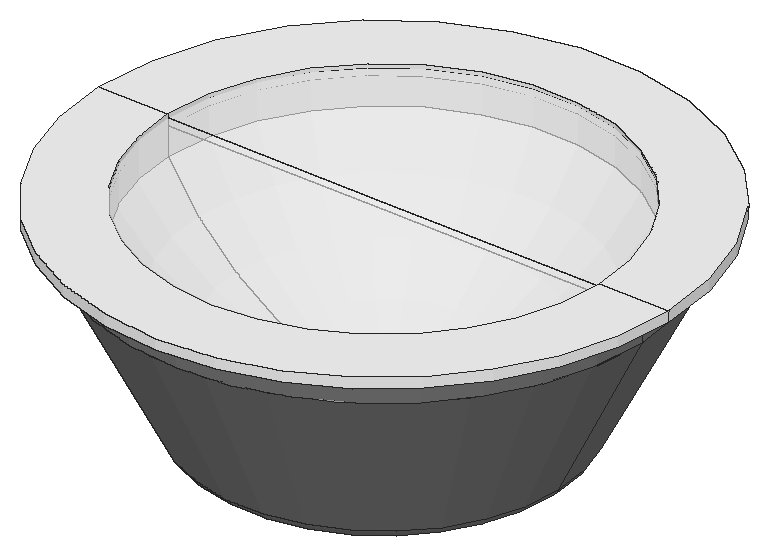
Revit family "30478", category Lighting Fixtures, host Face, Revit 2018
Family settings
  Host = Face
  Round Connector Dimension = Use Diameter
  Part Type = Normal
  OmniClass Number = 23.80.70.00
  OmniClass Title = Lighting
  Cut with Voids When Loaded = No
  Light Source = Yes
  Shared = No
  Room Calculation Point = No
Parameters (values of type "0030478 INSAVER SLIM UGR19 IP44 SSC 205 2350 830")
  WidthBezel_SYL = if(Size1_SYL, 20 mm, if(Size2_SYL, 20 mm, if(Size3PIR_SYL, 30 mm, if(Size4_SYL, 20 mm, 20 mm))))  # 20 mm
  Weight = "n/a"
  Wattage Comments = ""
  Wattage = 9 W
  WarrantyStartDate [instance] = "n/a"
  WarrantyGuarantorParts = "n/a"
  WarrantyDurationUnit = "n/a"
  WarrantyDurationParts = ""
  WarrantyDescription = "http://www.sylvania-lighting.com"
  built-in parameter 1150110 = 1 (stored number, unit not read)
  Voltage = 230 V
  VisibilityPIR_SYL = Size3PIR_SYL  # no
  URL = "0.9"
  TypeName = "Insaver Slim UGR19 IP44 SSC 205 2350lm 830"
  Type Image = <None>
  Type Comments = "n/a"
  built-in parameter 1114217 = 1 (stored number, unit not read)
  Tilt Angle = -90.00°
  built-in parameter 1150109 = 1 (stored number, unit not read)
  built-in parameter 1150134 = (empty or 0)
  built-in parameter 1150113 = 1 (stored number, unit not read)
  Size4_SYL = no
  Size3PIR_SYL = no
  Size2_SYL = no
  Size1_SYL = yes
  SerialNumber [instance] = "n/a"
  RadiusTop_SYL = 6 mm
  RadiusReflector_SYL = if(Size1_SYL, 85 mm, if(Size2_SYL, 85 mm, if(Size3PIR_SYL, 85 mm, if(Size4_SYL, 100 mm, 120 mm))))  # 85 mm
  Photometric Web File = "0030478.IES"
  Material_3_FEILO = Top-Sylvania-STARTDownlight
  PowerFactor = 0.9
  PowerConsumption = "Lighting"
  NominalLength = 165 mm
  NominalHeight = 50 mm
  NominalDepth = 165 mm
  Name = "Insaver Slim UGR19 IP44 SSC 205 2350lm 830"
  ModelReference = Name  # "Insaver Slim UGR19 IP44 SSC 205 2350lm 830"
  ModelNumber = "0030478"
  Model = Name  # "Insaver Slim UGR19 IP44 SSC 205 2350lm 830"
  Material = "Feilo Sylvania"
  ManufacturerName = "118 lm/W"
  Manufacturer = ""
  LuminousEfficacy = ""
  built-in parameter 1150105 = 83.795 (stored number, unit not read)
  Lumens = 1053 lm
  LuminaireType = "0"
  built-in parameter 1150115 = 1 (stored number, unit not read)
  LightOutputRatio = "LED"
  built-in parameter 1150137 = (empty or 0)
  built-in parameter 1150139 = (empty or 0)
  LampsType = Lamp  # "n/a"
  LampNominalLuminous = "3000 K"
  LampMacAdamStep = "80"
  LampColourTemperature = "LED"
  LampColourRenderingIndex = "16500"
  built-in parameter 1150112 = 1 (stored number, unit not read)
  built-in parameter 1150114 = 1 (stored number, unit not read)
  Lamp = "n/a"
  Keynote = "n/a"
  InstallationDate [instance] = "n/a"
  InputVoltage = "0"
  InputNominalFrequency = "3000"
  built-in parameter 1150132 = (empty or 0)
  built-in parameter 1150102 = (empty or 0)
  built-in parameter 1150107 = 3000 (stored number, unit not read)
  built-in parameter 1150138 = (empty or 0)
  IngressProtection = "IfcLightFixtureType"
  ImpactProtectionIndex = "IfcLightFixtureType"
  built-in parameter 1150106 = 0.83795 (stored number, unit not read)
  IfcExportType = "IfcLightFixtureType"
  IfcExportAs = "Class II"
  Height_SYL = if(Size1_SYL, 61 mm, if(Size2_SYL, 61 mm, if(Size3PIR_SYL, 61 mm, if(Size4_SYL, 61 mm, 60 mm))))  # 61 mm
  HeightBezel_SYL = if(Size1_SYL, 3 mm, if(Size2_SYL, 3 mm, if(Size3PIR_SYL, 3 mm, if(Size4_SYL, 3.2 mm, 3 mm))))  # 3 mm
  ExpectedLife = 50000
  Emit from Circle Diameter = Diameter_SYL - 40 mm  # 125 mm
  Emit Shape Visible in Rendering = no
  ElectricShockClassification = "118"
  built-in parameter 1150104 = 10.87 (stored number, unit not read)
  DurationUnit = "hours"
  DocumentationLiterature = "http://www.sylvania-lighting.com/product/en-int/products/0030478"
  DimmingControlOptions = "n/a"
  Material_2_FEILO = Diffuser-Sylvania-STARTDownlight
  Dimming Lamp Color Temperature Shift = <None>
  Diameter_SYL = if(Size1_SYL, 165 mm, if(Size2_SYL, 190 mm, if(Size3PIR_SYL, 211 mm, if(Size4_SYL, 220 mm, 240 mm))))  # 165 mm
  DiameterTop_SYL = if(Size1_SYL, 98 mm, if(Size2_SYL, 122 mm, if(Size3PIR_SYL, 120 mm, if(Size4_SYL, 135 mm, 158 mm))))  # 98 mm
  DiameterTopBase_SYL = DiameterRecess_SYL  # 150 mm
  DiameterRecess_SYL = if(Size1_SYL, 150 mm, if(Size2_SYL, 170 mm, if(Size3PIR_SYL, 186 mm, if(Size4_SYL, 200 mm, 225 mm))))  # 150 mm
  Description = "Insaver Slim is a ceiling recessed LED downlight (IP44 from the front),Die-cast aluminium body, loop in loop out connector for quick installation, SylSmart SSC, 20W; 2350lm; 118lm/W; 3000K; UGR <19 with shallow product depth 60mm. Meets TP(a) requirements."
  Default Elevation = 1219.2 mm
  CreatedOn = "05/03/2024"
  CreatedBy = "@sylvania-lighting.com"
  Cost = 0
  Color Filter = 16777215
  built-in parameter 1114216 [instance] = (empty or 0)
  ClassificationValue = "EF_70_80"
  ClassificationName = "Uniclass2015"
  Material_1_FEILO = Trim-Sylvania-STARTDownlight-White
  BarCode [instance] = "n/a"
  built-in parameter 1114218 = 1 (stored number, unit not read)
  built-in parameter 1150133 = 10 (stored number, unit not read)
  AssetType = "Fixed"
  AssetIdentifier [instance] = "n/a"
  Assembly Code = "D5020200"
  Apparent Load = 20 VA
  Material_4_FEILO = LED-Sylvania-STARTDownlight
Reference planes
  plane 1 "Center (Front/Back)": y = 0
  plane 2: z = 0
  plane 3 "Center (Left/Right)": x = 0
  plane 4: x = 82.5
  plane 5: x = -82.5
  plane 6: z = 3
  plane 7: z = -8
  plane 8: z = -58
  plane 9: x = -75
  plane 10: x = 75
  plane 11: x = -49
  plane 12: x = 49
  plane 13: z = -85
  plane 14: x = -62.5
  plane 15: z = 2
  plane 16: z = -46
  plane 17: x = -16
  plane 18: x = -67.5
  plane 19: x = -81.5
  plane 20: x = -99.5
  plane 21: x = -76.5
  plane 22: z = 5.5
  plane 23: z = 8.7
  plane 24: x = -75.5
  plane 25: z = 13.7
Forms (mm)
  Revolve 1, void
    sketch origin (0, 0, 0) x (1, 0, 0) y (0, 0, 1)
      loop
        line (0, 0) -> (-75, 0) -> (-75, -85) -> (0, -85) -> (0, 0)
      axis (0, 0) -> (0, -85)
    angle from 360 to 0
  Revolve 2, solid, material "Trim-Sylvania-STARTDownlight-White" <- "Material_1_FEILO"
    sketch origin (0, 0, 0) x (1, 0, 0) y (0, 0, 1)
      loop
        line (-62.5, 3) -> (-82.5, 3) -> (-82.5, 0) -> (-75, 0) -> (-75, -8) -> (-50.681, -54.768)
        arc (-50.681, -54.768) -> (-48.471, -57.129) -> (-45.357, -58) r 6
        line (-45.357, -58) -> (0, -58) -> (0, -46) -> (-16, -46)
        arc (-16, -46) -> (-42.718, -31.243) -> (-62.5, -8) r 85
        line (-62.5, -8) -> (-62.5, 3)
      axis (0, 3) -> (0, -58)
    angle from 360 to 0
  Revolve 3, solid, material "Diffuser-Sylvania-STARTDownlight" <- "Material_2_FEILO"
    sketch origin (0, 0, 0) x (1, 0, 0) y (0, 0, 1)
      loop
        line (-62.5, 0) -> (0, 0) -> (0, 2) -> (-62.5, 2) -> (-62.5, 0)
      axis (0, 2) -> (0, 0)
    angle from 360 to 0
  Revolve 4, solid, material "Trim-Sylvania-STARTDownlight-White" <- "Material_1_FEILO", visible <- "VisibilityPIR_SYL"
    sketch origin (0, 0, 0) x (1, 0, 0) y (0, 0, 1)
      loop
        line (-67.5, 3) -> (-67.5, 13.7)
        arc (-67.5, 13.7) -> (-72.217, 12.347) -> (-75.5, 8.7) r 8.9
        line (-75.5, 8.7) -> (-75.5, 5.5) -> (-76.5, 5.5) -> (-76.5, 3) -> (-67.5, 3)
      axis (-67.5, 13.7) -> (-67.5, 3)
    angle from 360 to 0
Dimensions and locks
  equal spacing: plane 4, plane 3 "Center (Left/Right)", plane 5
  "Diameter_SYL": plane 4 to plane 5
  equal spacing: plane 10, plane 3 "Center (Left/Right)", plane 9
  equal spacing: plane 12, plane 3 "Center (Left/Right)", plane 11
  "DiameterTop_SYL": plane 12 to plane 11
  "HeightBezel_SYL": plane 6 to plane 2
  "Height_SYL": plane 6 to plane 8
  locked: plane 2 to plane 7 at 8
  locked: plane 2 to plane 13 at 85
  "WidthBezel_SYL": plane 14 to plane 5
  locked: plane 6 to plane 15 at 1
  "DiameterRecess_SYL": plane 10 to plane 9
  locked: plane 3 "Center (Left/Right)" to plane 17 at 16
  locked: plane 16 to plane 8 at 12
  locked: plane 18 to plane 21 at 9
  locked: plane 22 to plane 6 at 2.5
  locked: plane 23 to plane 22 at 3.2
  locked: plane 18 to plane 24 at 8
  locked: plane 25 to plane 23 at 5
  locked: plane 25 to Revolve 4 sketch curve at 8.9
  locked: plane 18 to plane 5 at 15
  "RadiusReflector_SYL": radius of Revolve 2 sketch curve
  "RadiusTop_SYL": radius of Revolve 2 sketch curve
  aligned and locked: plane 2 to host face
  aligned and locked: level to host face
  aligned and locked: Revolve 1 sketch curve to plane 3 "Center (Left/Right)"
  aligned and locked: plane 3 "Center (Left/Right)" to Revolve 1 sketch curve
  aligned and locked: Revolve 1 sketch curve to plane 9
  aligned and locked: plane 13 to Revolve 1 sketch curve
  aligned and locked: plane 3 "Center (Left/Right)" to imposter light
  aligned and locked: imposter light to plane 15
  aligned and locked: imposter light to plane 1 "Center (Front/Back)"
  aligned and locked: Revolve 2 sketch curve to plane 3 "Center (Left/Right)"
  aligned and locked: Revolve 2 sketch curve to plane 6
  aligned and locked: Revolve 2 sketch curve to plane 5
  aligned and locked: Revolve 2 sketch curve to level
  aligned and locked: plane 7 to Revolve 2 sketch curve  (x2)
  aligned and locked: Revolve 2 sketch curve to plane 9
  aligned and locked: plane 8 to Revolve 2 sketch curve
  aligned and locked: Revolve 2 sketch curve to plane 14
  aligned and locked: plane 3 "Center (Left/Right)" to Revolve 2 sketch curve
  aligned and locked: Revolve 2 sketch curve to plane 16
  aligned and locked: Revolve 3 sketch curve to plane 3 "Center (Left/Right)"
  aligned and locked: Revolve 3 sketch curve to level
  aligned and locked: imposter light to Revolve 3 sketch curve  (x2)
  aligned and locked: Revolve 4 sketch curve to plane 18  (x2)
  aligned and locked: Revolve 4 sketch curve to plane 6
  aligned and locked: plane 22 to Revolve 4 sketch curve
  aligned and locked: plane 24 to Revolve 4 sketch curve
  aligned and locked: Revolve 4 sketch curve to Revolve 4 sketch curve
  aligned and locked: plane 21 to Revolve 4 sketch curve
Automatic sketch dimensions
  host sketch curve to host sketch curve = 2438.4 mm  (x2)
  plane 13 to Revolve 1 sketch curve = 524.6 mm
  Revolve 1 sketch curve to plane 6 = 2606.058 mm
  Revolve 1 sketch curve to level = 0 mm
  Revolve 2 sketch curve to plane 17 = 0 mm
  Revolve 2 sketch curve to plane 11 = 1.681 mm
  plane 11 to Revolve 2 sketch curve = 3.643 mm
  plane 13 to Revolve 2 sketch curve = 524.6 mm
  Revolve 2 sketch curve to Revolve 2 sketch curve = 2577.983 mm
  Revolve 3 sketch curve to plane 14 = 0 mm
  plane 13 to Revolve 3 sketch curve = 524.6 mm
  Revolve 3 sketch curve to plane 6 = 2606.058 mm
  Revolve 4 sketch curve to plane 23 = 0 mm
  plane 13 to Revolve 4 sketch curve = 524.6 mm
  Revolve 4 sketch curve to Revolve 4 sketch curve = 2595.358 mm
Connectors
  electrical at (0, 0, 0), driven by "Apparent Load", driven by "PowerFactor", driven by "Voltage"
    settings: index 1, voltage 230 V, apparent load 20 VA, apparent load phase1 0 VA, apparent load phase2 0 VA, apparent load phase3 0 VA, power factor 0.9, load classification "Lighting", number of poles 1, system type 30, power factor state 1, is connector primary yes, connector utility no, sub classification motor no, connector description ""
